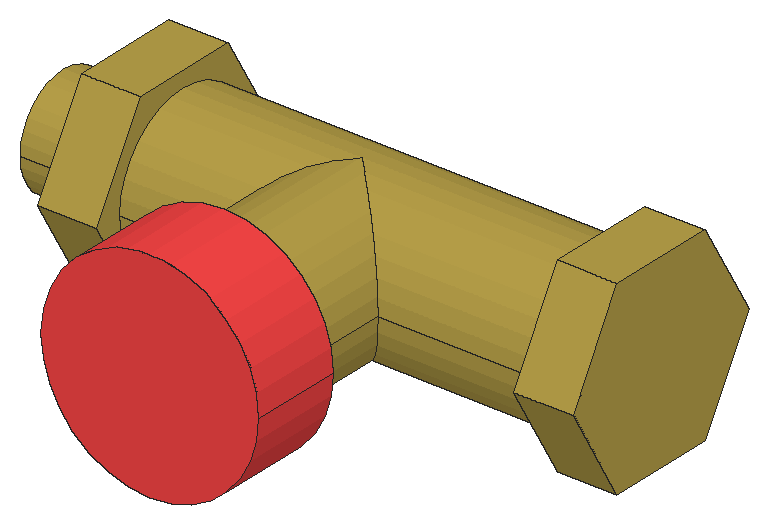
Revit family "Проходной термостатический вентиль «Standart Vario M»", category Арматура трубопроводов, Revit 2020
Family settings
  Размер круглого соединителя = Использовать диаметр
  Тип детали = Клапан - Вставляется
  Номер OmniClass = 23.65.55.14.21
  Заголовок OmniClass = Non-Return Valves for Liquid Services
  На основе рабочей плоскости = Нет
  Всегда вертикально = Нет
  При загрузке вырезать с полостями = Нет
  Общий = Да
Parameters (values of type "Dn15")
  Отметка по умолчанию = 0 mm
  Материал клапана = Латунь
  K Coefficient = 1.23
  Толщина крышки = 0.15 * Длина корпуса  # 12.3 mm
  Дуго [instance] = 47.343 mm
  Высота крышки = 36 mm
  Диаметр крышки = 39 mm
  Длина корпуса = 82 mm
  Диаметр корпуса = 0.6 * Диаметр адаптера  # 10.8 mm
  Длина адаптера = 0.1 * Длина корпуса  # 8.2 mm
  Диаметр адаптера = 1.2 * WSR_D1  # 18 mm
  WSR_D1 = 15 mm
  URL = "https://www.weser.ru/about/documentation/"
  Kvs [instance] = 0.0 m³/h
  ADSK_Позиция = ""
  ADSK_Наименование краткое = "Термостатический вентиль"  # constant formula
  ADSK_Наименование [instance] = "Проходной термостатический вентиль «Standart Vario M»  Dn15"
  ADSK_Масса_Текст = ""
  ADSK_Код изделия [instance] = "820170.100"
  ADSK_Завод-изготовитель [instance] = "Weser"  # constant formula
  ADSK_Единица измерения [instance] = "шт."  # constant formula
  ADSK_Группирование [instance] = ""
Types (2, lengths in mm): name | K Coefficient | Диаметр корпуса | Диаметр адаптера | WSR_D1 | ADSK_Наименование | ADSK_Код изделия
  Dn15 | 1.23 | 10.8 | 18 | 15 | "Проходной термостатический вентиль «Standart Vario M»  Dn15" | "820170.100"
  Dn20 | 1.6 | 14.4 | 24 | 20 | "Проходной термостатический вентиль «Standart Vario M» Dn20" | "820180.100"
Reference planes
  plane 1 "По центру (Вперед/Назад)": y = 0
  plane 2: z = 0
  plane 3 "По центру (Влево/Вправо)": x = 0
  plane 4: x = -41
  plane 5: x = 41
  plane 6: x = -32.8
  plane 7: z = 23.7
  plane 8: z = 36
  plane 9: z = -10.8
  plane 10: z = -16.8
  plane 11: x = -3.6
  plane 12: x = -10.8
  plane 13: y = 23.671
  plane 14: y = -23.671
  plane 15: x = 32.8
Forms (mm)
  Extrusion 1, solid, material "Латунь" <- "Материал клапана", detail levels fine
    sketch origin (0, 0, 0) x (0, 1, 0) y (0, 0, 1)
      loop
        circle (0, 0) r 11
    from -32.8 to 41
  Extrusion 2, solid, material "Латунь" <- "Материал клапана", detail levels fine
    sketch origin (0, 0, 0) x (1, 0, 0) y (0, 0, 1)
      loop
        circle (0, 0) r 11
    from 0 to 23.671
  Extrusion 3, solid, material "Латунь" <- "Материал клапана", detail levels fine
    sketch origin (-41, 552.765, 1219.2) x (0, 1, 0) y (0, 0, 1)
      loop
        circle (-552.765, -1219.2) r 7.5
    from 0 to 8.2
  Extrusion 4, solid, material "Латунь" <- "Материал клапана", detail levels fine
    sketch origin (41, 553.047, 1219.2) x (0, 1, 0) y (0, 0, 1)
      loop
        line (-560.287, -1206.171) -> (-567.809, -1219.2) -> (-560.287, -1232.229) -> (-545.243, -1232.229) -> (-537.721, -1219.2) -> (-545.243, -1206.171) -> (-560.287, -1206.171)
    from 0 to -8.2
  Extrusion 5, solid, material "Латунь" <- "Материал клапана", detail levels fine
    sketch origin (-24.6, 553.047, 1219.2) x (0, 1, 0) y (0, 0, 1)
      loop
        line (-560.287, -1206.171) -> (-567.809, -1219.2) -> (-560.287, -1232.229) -> (-545.243, -1232.229) -> (-537.721, -1219.2) -> (-545.243, -1206.171) -> (-560.287, -1206.171)
    from 0 to -8.2
  Extrusion 6, solid, material "Пластик Красный", detail levels fine
    sketch origin (-152.652, -23.671, 1219.2) x (-1, 0, 0) y (0, 0, 1)
      loop
        circle (-152.652, -1219.2) r 15
    from -12.724 to 0
Cuts and joins
  joined: Extrusion 1, Extrusion 2, Extrusion 3, Extrusion 4, Extrusion 5
Dimensions and locks
  equal spacing: plane 4, plane 3 "По центру (Влево/Вправо)", plane 5
  "Длина корпуса": plane 4 to plane 5
  "Длина адаптера": plane 4 to plane 6
  "Толщина крышки": plane 8 to plane 7
  "Высота крышки": plane 8 to plane 2
  locked: plane 2 to plane 9 at 10.8
  locked: plane 9 to plane 10 at 6
  locked: plane 3 "По центру (Влево/Вправо)" to plane 11 at 3.6
  locked: plane 3 "По центру (Влево/Вправо)" to plane 12 at 10.8
  "Длина адаптера": plane 15 to plane 5
  "Дуго": plane 13 to plane 14
  equal spacing: plane 13, plane 1 "По центру (Вперед/Назад)", plane 14
  "WSR_D1": diameter of Extrusion 3 sketch curve
  aligned and locked: plane 2 to Extrusion 1 sketch curve
  aligned and locked: plane 1 "По центру (Вперед/Назад)" to Extrusion 1 sketch curve
  aligned and locked: Extrusion 1 to plane 6
  aligned and locked: plane 3 "По центру (Влево/Вправо)" to Extrusion 2 sketch curve
  aligned and locked: cut or joined group of Extrusion 1, Extrusion 2, Extrusion 3, Extrusion 4, Extrusion 5 to plane 14
  aligned and locked: plane 6 to Extrusion 3
  aligned and locked: Extrusion 3 to plane 4
  aligned and locked: Extrusion 2 to plane 1 "По центру (Вперед/Назад)"
  aligned and locked: plane 5 to Extrusion 1
  aligned and locked: Extrusion 4 to plane 15
  aligned and locked: Extrusion 6 to cut or joined group of Extrusion 1, Extrusion 2, Extrusion 3, Extrusion 4, Extrusion 5
  aligned and locked: nested 1 to plane 5
  aligned and locked: plane 1 "По центру (Вперед/Назад)" to nested 1
Automatic sketch dimensions
  Extrusion 2 sketch curve to level = 0 mm
  Extrusion 3 sketch curve to level = 0 mm
  Extrusion 3 sketch curve to plane 1 "По центру (Вперед/Назад)" = 0 mm
  Extrusion 5 sketch curve to level = 0 mm  (x2)
  plane 14 to Extrusion 5 sketch curve = 8.91 mm
  plane 1 "По центру (Вперед/Назад)" to Extrusion 5 sketch curve = 7.24 mm  (x2)
  Extrusion 5 sketch curve to plane 9 = 2.229 mm
  Extrusion 5 sketch curve to plane 1 "По центру (Вперед/Назад)" = 7.804 mm  (x2)
  Extrusion 5 sketch curve to plane 13 = 8.345 mm
  Extrusion 5 sketch curve to plane 7 = 10.671 mm
  Extrusion 6 sketch curve to level = 0 mm
  Extrusion 6 sketch curve to plane 3 "По центру (Влево/Вправо)" = 0 mm
  radius of Extrusion 2 sketch curve = 11 mm
  radius of Extrusion 1 sketch curve = 11 mm
  radius of Extrusion 6 sketch curve = 15 mm
Nested families
  nested 1: "УГО Клапан регулирующий проходной" at (0, 0, 0), D <- "Дуго", L <- "Длина корпуса", type "УГО Клапан регулирующий проходной", detail levels coarse+medium
    with УГО в разрезе no, УГО в плане yes, L1 13.667 mm, L 82 mm, H 47.343 mm, D 47.343 mm, ADSK_Позиция "", ADSK_Обозначение "", ADSK_Наименование "", ADSK_Код изделия ""
Connectors
  piping at (-32.8, 0.282, 0), diameter 15, driven by "WSR_D1"
    settings: on cut or joined group of Extrusion 1, Extrusion 2, Extrusion 3, Extrusion 4, Extrusion 5, index 1, connector inside diameter 609.6 mm, connector length 0 mm, flow factor 0, pipe flow 0.0 m³/h, pressure drop 0.0 Pa, fitting loss kfactor 0, connector angle 0.00°, fixture units 0, engagement length 0 mm, angle of deflection 0.00°, flow configuration 0, flow direction 0, fitting loss method 0, system type 29, joint type 0, gender type 0, connector reference index 2, connector utility 0, adjustable connector no, is connector primary yes, connector description ""
  piping at (41, 0.282, 0), diameter 15, driven by "WSR_D1"
    settings: on cut or joined group of Extrusion 1, Extrusion 2, Extrusion 3, Extrusion 4, Extrusion 5, index 2, connector inside diameter 609.6 mm, connector length 0 mm, flow factor 0, pipe flow 0.0 m³/h, pressure drop 0.0 Pa, fitting loss kfactor 0, connector angle 0.00°, fixture units 0, engagement length 0 mm, angle of deflection 0.00°, flow configuration 0, flow direction 0, fitting loss method 0, system type 29, joint type 0, gender type 0, connector reference index 1, connector utility 0, adjustable connector no, is connector primary no, connector description ""
  piping at (0, -23.671, 0), diameter 30
    settings: on Extrusion 6, index 3, connector inside diameter 609.6 mm, connector length 0 mm, flow factor 0, pipe flow 0.0 m³/h, pressure drop 0.0 Pa, fitting loss kfactor 0, connector angle 0.00°, fixture units 0, engagement length 0 mm, angle of deflection 0.00°, flow configuration 0, flow direction 0, fitting loss method 0, system type 28, joint type 0, gender type 0, connector reference index -1, connector utility 0, adjustable connector no, is connector primary no, connector description ""
Definition of nested family "УГО Клапан регулирующий проходной"
  Parameters (values of type "УГО Клапан запорно-балансировочный ручной")
    УГО в разрезе [instance] = not(УГО в плане)  # no
    УГО в плане [instance] = yes
    Разработчик (телефон) = ""
    Разработчик (email) = ""
    Разработчик (URL) = ""
    Разработчик = ""
    Default Elevation = 0 mm
    Manufacturer = ""
    L1 [instance] = L / 6  # 16.667 mm
    L [instance] = 100 mm
    H [instance] = D  # 50 mm
    D [instance] = 50 mm
    ADSK_Позиция [instance] = ""
    ADSK_Обозначение [instance] = ""
    ADSK_Наименование [instance] = ""
    ADSK_Масса = 0
    ADSK_Количество = 1  # constant formula
    ADSK_Код изделия [instance] = ""
    ADSK_Завод-изготовитель = Manufacturer  # ""
    ADSK_Единица измерения = "шт"  # constant formula
    ADSK_URL документации изделия = ""
  Types (3, lengths in mm): name | L1 | L | H | D
    УГО Клапан регулирующий проходной | 33.333 | 200 | 100 | 100
    УГО Клапан запорный | 33.333 | 200 | 100 | 100
    УГО Клапан запорно-балансировочный ручной | 16.667 | 100 | 50 | 50
  Reference planes
    plane 1 "По центру (Вперед/Назад)": y = 0
    plane 2: z = 0
    plane 3 "По центру (Влево/Вправо)": x = 0
    plane 4: x = -50
    plane 5: x = -8.333
    plane 6: x = 50
    plane 7: x = 8.333
    plane 8: y = 50
    plane 9: y = 25
    plane 10: y = -25
    plane 11: z = 25
    plane 12: z = 50
    plane 13: z = -25
  Lines and regions (mm)
    model lines, visible <- "УГО в плане", detail levels coarse+medium
      curve 1: line (-50, 25, 0) -> (-50, -25, 0)
      curve 2: line (-50, -25, 0) -> (50, 25, 0)
      curve 3: line (50, 25, 0) -> (50, -25, 0)
      curve 4: line (50, -25, 0) -> (-50, 25, 0)
      curve 5: line (-8.333, 25, 0) -> (0, 0, 0)
      curve 6: line (0, 0, 0) -> (8.333, 25, 0)
      curve 7: line (8.333, 25, 0) -> (-8.333, 25, 0)
      curve 8: line (0, 50, 0) -> (0, 25, 0)
    model lines, visible <- "УГО в разрезе", detail levels coarse+medium
      curve 9: line (-50, 0, 25) -> (-50, 0, -25)
      curve 10: line (-50, 0, -25) -> (50, 0, 25)
      curve 11: line (50, 0, 25) -> (50, 0, -25)
      curve 12: line (50, 0, -25) -> (-50, 0, 25)
      curve 13: line (0, 0, 0) -> (-8.333, 0, 25)
      curve 14: line (-8.333, 0, 25) -> (8.333, 0, 25)
      curve 15: line (8.333, 0, 25) -> (0, 0, 0)
      curve 16: line (0, 0, 50) -> (0, 0, 25)
    symbolic lines, detail levels coarse+medium
      curve 17: line (-50, 0, 25) -> (-50, 0, -25)
      curve 18: line (-50, 0, -25) -> (50, 0, 25)
      curve 19: line (50, 0, 25) -> (50, 0, -25)
      curve 20: line (50, 0, -25) -> (-50, 0, 25)
      curve 21: line (0, 0, 0) -> (-8.333, 0, 25)
      curve 22: line (-8.333, 0, 25) -> (8.333, 0, 25)
      curve 23: line (8.333, 0, 25) -> (0, 0, 0)
      curve 24: line (0, 0, 25) -> (0, 0, 50)
      curve 25: line (-50, 25, 0) -> (-50, -25, 0)
      curve 26: line (-50, -25, 0) -> (50, 25, 0)
      curve 27: line (50, 25, 0) -> (50, -25, 0)
      curve 28: line (50, -25, 0) -> (-50, 25, 0)
      curve 29: line (0, 0, 0) -> (-8.333, 25, 0)
      curve 30: line (-8.333, 25, 0) -> (8.333, 25, 0)
      curve 31: line (8.333, 25, 0) -> (0, 0, 0)
      curve 32: line (0, 25, 0) -> (0, 50, 0)
  Dimensions and locks
    equal spacing: plane 4, plane 3 "По центру (Влево/Вправо)", plane 6
    "L": plane 4 to plane 6
    equal spacing: plane 5, plane 3 "По центру (Влево/Вправо)", plane 7
    "L1": plane 5 to plane 7
    equal spacing: plane 9, plane 1 "По центру (Вперед/Назад)", plane 10
    "D": plane 9 to plane 10
    "H": plane 8 to plane 1 "По центру (Вперед/Назад)"
    equal spacing: plane 11, level, plane 13
    "D": plane 11 to plane 13
    "H": plane 12 to level
    aligned and locked: level to plane 2
  Automatic sketch dimensions
    curve 15 to level = 0 mm
    curve 16 to plane 3 "По центру (Влево/Вправо)" = 0 mm
    curve 23 to level = 0 mm
    plane 7 to curve 14 = 0 mm
    curve 11 to plane 13 = 0 mm
    curve 16 to plane 12 = 0 mm
    curve 18 to plane 11 = 0 mm
    plane 6 to curve 20 = 0 mm
    curve 20 to plane 11 = 0 mm
    curve 21 to plane 5 = 0 mm
    curve 21 to level = 0 mm
    curve 21 to plane 11 = 0 mm
    curve 23 to plane 3 "По центру (Влево/Вправо)" = 0 mm
    curve 24 to plane 3 "По центру (Влево/Вправо)" = 0 mm
    curve 24 to plane 12 = 0 mm
    curve 9 to plane 4 = 0 mm
    curve 6 to plane 3 "По центру (Влево/Вправо)" = 0 mm
    curve 8 to plane 3 "По центру (Влево/Вправо)" = 0 mm
    curve 6 to plane 9 = 0 mm
    curve 26 to plane 9 = 0 mm
    curve 8 to plane 8 = 0 mm
    plane 10 to curve 25 = 0 mm
    curve 26 to plane 4 = 0 mm
    curve 26 to plane 6 = 0 mm
    plane 10 to curve 28 = 0 mm
    curve 28 to plane 9 = 0 mm
    curve 29 to plane 5 = 0 mm
    curve 29 to plane 3 "По центру (Влево/Вправо)" = 0 mm
    curve 31 to plane 7 = 0 mm
    curve 32 to plane 3 "По центру (Влево/Вправо)" = 0 mm
    curve 32 to plane 8 = 0 mm
